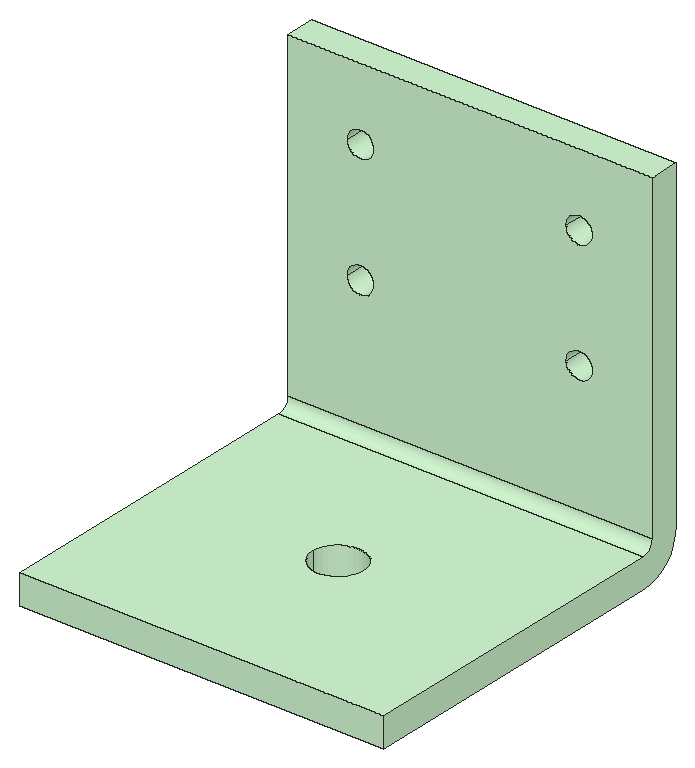
Revit family "l6x75x75x75l", category 機械設備, Revit 2022
Family settings
  丸型コネクタ寸法 = 直径を使用
  種別 = なし
  パーツ タイプ = 標準
  作業面ベース = いいえ
  常に垂直 = はい
  ロード時にボイドで切り取り = いいえ
  注釈の向きを維持 = いいえ
  共有 = いいえ
  部屋計算ポイント = いいえ
Parameters
  製造元 = "株式会社桐井製作所"
  既定の高さ = 0 mm
  URL = "https://www.kirii.co.jp/"
  K_品名 = "L-t6.0×(75×75)×75L"
  K_名称 = "アングルピース"
  K_バージョン情報 = "20211012"
Reference planes
  plane 1 "中心(正面/背面)": y = 0
  plane 2: z = 0
  plane 3 "中心(左/右)": x = 0
Forms (mm)
  Extrusion 1, solid
    sketch origin (0, 0, 0) x (0, 1, 0) y (0, 0, 1)
      loop
        line (-6, 75) -> (-6, 8.3)
        arc (-6, 8.3) -> (-6.674, 6.674) -> (-8.3, 6) r 2.3
        line (-8.3, 6) -> (-75, 6) -> (-75, 0) -> (-8, 0)
        arc (-8, 0) -> (-2.343, 2.343) -> (0, 8) r 8
        line (0, 8) -> (0, 75) -> (-6, 75)
    from -37.5 to 37.5
  Extrusion 2, void
    sketch origin (0, -15, 0) x (1, 0, 0) y (0, 1, 0)
      loop
        circle (0, -25) r 5.25
    from 0 to 6
  Extrusion 3, void
    sketch origin (0, 0, 0) x (1, 0, 0) y (0, 0, 1)
      loop
        circle (-22.5, 60) r 2.75
      loop
        circle (22.5, 60) r 2.75
      loop
        circle (-22.5, 35) r 2.75
      loop
        circle (22.5, 35) r 2.75
    from 0 to 6
Cuts and joins
  Extrusion 2, Extrusion 3 cuts Extrusion 1
Dimensions and locks
  aligned and locked: level to plane 2
